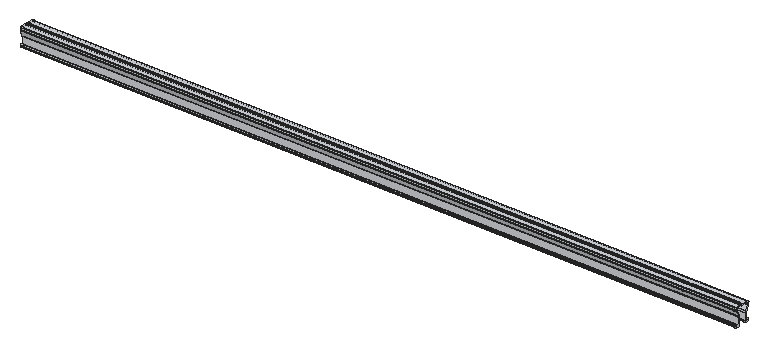
Revit family "54TSC3.00 16g Top Chord", category Structural Framing, Revit 2020
Family settings
  Section Shape = Not Defined
  Material for Model Behavior = Steel
  Always export as geometry = No
  OmniClass Number = 23.25.30.11.14.14
  OmniClass Title = Beams
  Always vertical = Yes
  Cut with Voids When Loaded = No
  Symbolic Representation = From Family
  Shared = No
  Show family pre-cut in plan views = Yes
Parameters
  Weight lbs per ft [instance] = 1.9646
  URL = "https://www.trussteel.com/details_files/pdf/ts008a.pdf"
  Total Member Weight lbs [instance] = Length / 1' 0" * Weight lbs per ft  # 19.646
  Structural Material = ASTM A653 SS Grade 55 G90
  Steel Design Thickness (in) [instance] = 0.0566
  Model = "54TSC3.00"
  Manufacturer = "TrusSteel"
  Length [instance] = 10' - 0"
  Fy (ksi) [instance] = 55
  Fu (ksi) [instance] = 65
  Description = "Chord"
  Cross Section Area (in2) [instance] = 0.5778
  Beam Height = 0' - 3"
  Beam Width = 0' - 2 1/2"
Reference planes (in)
  plane 1 "Center (Front/Back)": y = 0
  plane 2 "Center El.": z = 0
  plane 3 "Center (Left/Right)": x = 0
  plane 4 "Left": x = -60
  plane 5 "Right": x = 60
Forms (in)
  Extrusion 1, solid
    sketch origin (0, 0, 0) x (0, 1, 0) y (0, 0, 1)
      loop
        arc (1.0994, -0.0566) -> (1.16587, -0.08413) -> (1.1934, -0.1506) r 0.094
        line (1.1934, -0.1506) -> (1.1934, -0.4139)
        arc (1.1934, -0.4139) -> (1.18581, -0.48641) -> (1.16336, -0.55577) r 0.35
        line (1.16336, -0.55577) -> (0.7849, -1.4093)
        arc (0.7849, -1.4093) -> (0.75882, -1.48988) -> (0.75, -1.57412) r 0.4066
        line (0.75, -1.57412) -> (0.75, -2.8834)
        arc (0.75, -2.8834) -> (0.78415, -2.96585) -> (0.8666, -3) r 0.1166
        line (0.8666, -3) -> (1.1334, -3)
        arc (1.1334, -3) -> (1.21585, -2.96585) -> (1.25, -2.8834) r 0.1166
        line (1.25, -2.8834) -> (1.25, -2.7416)
        arc (1.25, -2.7416) -> (1.21585, -2.65915) -> (1.1334, -2.625) r 0.1166
        line (1.1334, -2.625) -> (1, -2.625) -> (1, -2.6816) -> (1.1334, -2.6816)
        arc (1.1334, -2.6816) -> (1.17583, -2.69917) -> (1.1934, -2.7416) r 0.06
        line (1.1934, -2.7416) -> (1.1934, -2.8834)
        arc (1.1934, -2.8834) -> (1.17583, -2.92583) -> (1.1334, -2.9434) r 0.06
        line (1.1334, -2.9434) -> (0.8666, -2.9434)
        arc (0.8666, -2.9434) -> (0.82417, -2.92583) -> (0.8066, -2.8834) r 0.06
        line (0.8066, -2.8834) -> (0.8066, -1.57412)
        arc (0.8066, -1.57412) -> (0.81419, -1.50161) -> (0.83664, -1.43225) r 0.35
        line (0.83664, -1.43225) -> (1.2151, -0.57871)
        arc (1.2151, -0.57871) -> (1.24118, -0.49813) -> (1.25, -0.4139) r 0.4066
        line (1.25, -0.4139) -> (1.25, -0.1506)
        arc (1.25, -0.1506) -> (1.20589, -0.04411) -> (1.0994, 0) r 0.1506
        line (1.0994, 0) -> (0.2508, 0)
        arc (0.2508, 0) -> (0.19433, -0.01329) -> (0.14971, -0.05038) r 0.1266
        arc (0.14971, -0.05038) -> (0, -0.125) -> (-0.14971, -0.05038) r 0.1875
        arc (-0.14971, -0.05038) -> (-0.19433, -0.01329) -> (-0.2508, 0) r 0.1266
        line (-0.2508, 0) -> (-1.0994, 0)
        arc (-1.0994, 0) -> (-1.20589, -0.04411) -> (-1.25, -0.1506) r 0.1506
        line (-1.25, -0.1506) -> (-1.25, -0.4139)
        arc (-1.25, -0.4139) -> (-1.24118, -0.49813) -> (-1.2151, -0.57871) r 0.4066
        line (-1.2151, -0.57871) -> (-0.83664, -1.43225)
        arc (-0.83664, -1.43225) -> (-0.81419, -1.50161) -> (-0.8066, -1.57412) r 0.35
        line (-0.8066, -1.57412) -> (-0.8066, -2.8834)
        arc (-0.8066, -2.8834) -> (-0.82417, -2.92583) -> (-0.8666, -2.9434) r 0.06
        line (-0.8666, -2.9434) -> (-1.1334, -2.9434)
        arc (-1.1334, -2.9434) -> (-1.17583, -2.92583) -> (-1.1934, -2.8834) r 0.06
        line (-1.1934, -2.8834) -> (-1.1934, -2.7416)
        arc (-1.1934, -2.7416) -> (-1.17583, -2.69917) -> (-1.1334, -2.6816) r 0.06
        line (-1.1334, -2.6816) -> (-1, -2.6816) -> (-1, -2.625) -> (-1.1334, -2.625)
        arc (-1.1334, -2.625) -> (-1.21585, -2.65915) -> (-1.25, -2.7416) r 0.1166
        line (-1.25, -2.7416) -> (-1.25, -2.8834)
        arc (-1.25, -2.8834) -> (-1.21585, -2.96585) -> (-1.1334, -3) r 0.1166
        line (-1.1334, -3) -> (-0.8666, -3)
        arc (-0.8666, -3) -> (-0.78415, -2.96585) -> (-0.75, -2.8834) r 0.1166
        line (-0.75, -2.8834) -> (-0.75, -1.57412)
        arc (-0.75, -1.57412) -> (-0.75882, -1.48988) -> (-0.7849, -1.4093) r 0.4066
        line (-0.7849, -1.4093) -> (-1.16336, -0.55577)
        arc (-1.16336, -0.55577) -> (-1.18581, -0.48641) -> (-1.1934, -0.4139) r 0.35
        line (-1.1934, -0.4139) -> (-1.1934, -0.1506)
        arc (-1.1934, -0.1506) -> (-1.16587, -0.08413) -> (-1.0994, -0.0566) r 0.094
        line (-1.0994, -0.0566) -> (-0.2508, -0.0566)
        arc (-0.2508, -0.0566) -> (-0.21957, -0.06395) -> (-0.19491, -0.08446) r 0.07
        arc (-0.19491, -0.08446) -> (0, -0.1816) -> (0.19491, -0.08446) r 0.2441
        arc (0.19491, -0.08446) -> (0.21957, -0.06395) -> (0.2508, -0.0566) r 0.07
        line (0.2508, -0.0566) -> (1.0994, -0.0566)
    from -60 to 60
Dimensions and locks (in)
  equal spacing: plane 4 "Left", plane 3 "Center (Left/Right)", plane 5 "Right"
  "Length": plane 4 "Left" to plane 5 "Right"
  "Beam Width": Extrusion 1 to Extrusion 1
  "Beam Height": Extrusion 1 to Extrusion 1
  aligned and locked: level to plane 2 "Center El."
  aligned and locked: plane 4 "Left" to Extrusion 1
  aligned and locked: Extrusion 1 to plane 5 "Right"
Automatic sketch dimensions
  Extrusion 1 sketch curve to Extrusion 1 sketch curve = 0' - 0"  (x34)
  Extrusion 1 sketch curve to level = 0' - 0"  (x2)
  Extrusion 1 sketch curve to plane 1 "Center (Front/Back)" = 0' - 0"
  plane 1 "Center (Front/Back)" to Extrusion 1 sketch curve = 0' - 0.2508"
  plane 1 "Center (Front/Back)" to Extrusion 1 sketch curve = 0' - 0 3/4"
  Extrusion 1 sketch curve to Extrusion 1 sketch curve = 0' - 0.0349"  (x2)
  Extrusion 1 sketch curve to Extrusion 1 sketch curve = 0' - 0.0566"  (x2)
  Extrusion 1 sketch curve to Extrusion 1 sketch curve = 0' - 0.05174"  (x2)
  Extrusion 1 sketch curve to Extrusion 1 sketch curve = 0' - 0.5926"  (x2)
  Extrusion 1 sketch curve to Extrusion 1 sketch curve = 0' - 0.06"  (x4)
  Extrusion 1 sketch curve to Extrusion 1 sketch curve = 0' - 0.1334"  (x4)
  Extrusion 1 sketch curve to level = 0' - 0.0566"  (x2)
  Extrusion 1 sketch curve to Extrusion 1 sketch curve = 0' - 0.256"  (x2)
  Extrusion 1 sketch curve to Extrusion 1 sketch curve = 0' - 0.35"
  Extrusion 1 sketch curve to level = 0' - 0.55577"  (x2)
  Extrusion 1 sketch curve to Extrusion 1 sketch curve = 0' - 0.31996"  (x2)
  Extrusion 1 sketch curve to Extrusion 1 sketch curve = 0' - 0.03004"  (x2)
  Extrusion 1 sketch curve to level = 0' - 0.57871"  (x2)
  Extrusion 1 sketch curve to plane 1 "Center (Front/Back)" = 0' - 0.2508"
  Extrusion 1 sketch curve to plane 1 "Center (Front/Back)" = 0' - 0 3/4"
  Extrusion 1 sketch curve to level = 0' - 0.1506"
  Extrusion 1 sketch curve to Extrusion 1 sketch curve = 0' - 0.85354"  (x2)
  Extrusion 1 sketch curve to Extrusion 1 sketch curve = 0' - 1.05088"  (x2)
  Extrusion 1 sketch curve to Extrusion 1 sketch curve = 0' - 0.1418"
  Extrusion 1 sketch curve to Extrusion 1 sketch curve = 0' - 0.2018"
  Extrusion 1 sketch curve to Extrusion 1 sketch curve = 0' - 0.07"  (x2)
  level to Extrusion 1 sketch curve = 0' - 0 1/16"
